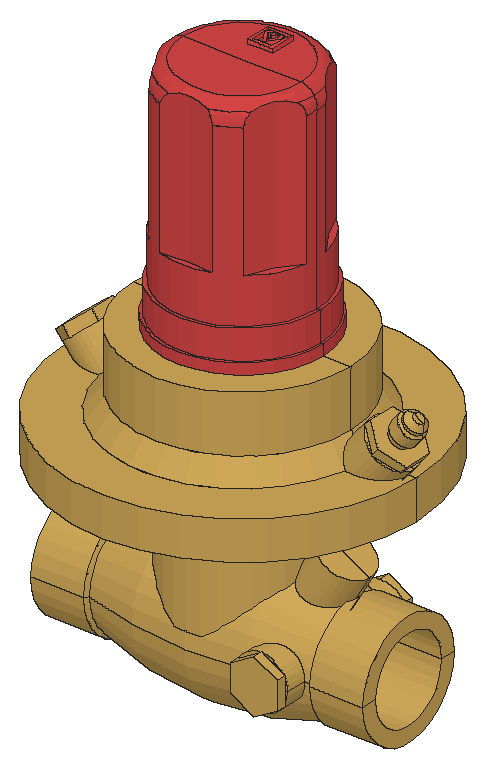
Revit family "Differenzdruckregler 4007", category Rohrzubehör, Revit 2021
Family settings
  Bemaßung runder Anschluss = Durchmesser verwenden
  Teiletyp = Unterbricht
  OmniClass-Nummer = 23.65.55.14.24
  OmniClass-Titel = Mixing Valves for Liquid Services
  Arbeitsebenenbasiert = Nein
  Immer vertikal = Ja
  Beim Laden mit Abzugskörper schneiden = Nein
  Gemeinsam genutzt = Nein
Parameters
  t1 = 24.467 mm
  Vorgabe-Ansicht = 0.00 mm
  Prüfdruck = 2400000.0 Pa  # constant formula
  Min. Betriebstemperatur (reines Wasser) = 2 °C  # constant formula
  Min. Betriebstemperatur (Frostschutz, Messinggehäuse) = -20 °C  # constant formula
  Min. Betriebstemperatur (Frostschutz, Graugussgehäuse) = -10 °C  # constant formula
  Max. zulässige Betriebstemperatur DN40-DN80 = 110 °C  # constant formula
  Max. zulässige Betriebstemperatur DN15-DN32 = 130 °C  # constant formula
  Max. Differenzdruck am Gehäuse = 200000.0 Pa  # constant formula
  m4 [instance] = R03 - 11.00 mm  # 20.50 mm
  m3 = 4.00 mm
  m2 [instance] = R03 - 8.50 mm  # 23.00 mm
  m1 = 3.50 mm
  k9 = 17.65 mm
  k8 = 130.00°
  k7 = 9.45 mm
  k6 = 8.678 mm
  k5 = 11.83 mm
  k4 = 142.00°
  k3 = 63.00 mm
  k22 = 3.217 mm
  k21 = 28.72 mm
  k20 = 70.557 mm
  k2 = 49.08 mm
  k19 = 24.467 mm
  k18 = 24.467 mm
  k17 [instance] = 4.002 mm
  k16 = 7.283 mm
  k15 [instance] = size_lookup("4007", "k15", 10.00 mm, Nennweite)  # 7.28 mm
  k14 = 101.662 mm
  k13 = 14.00 mm
  k12 = 39.276 mm
  k11 = 45.00 mm
  k10 = 20.56 mm
  k1 = 21.00 mm
  h2 [instance] = size_lookup("4007", "h2", 18.75 mm, Nennweite)  # 24.50 mm
  h1 = 20.595 mm
  a3 = 9.50 mm
  a2 = 21.021 mm
  a1 = 9.50 mm
  Ventilgehäuse 4007 = "entzinkungsbeständiges Messing"  # constant formula
  URL = "www.herz-armaturen.at"
  Sollwertfeder = "nichtrostender Stahl"  # constant formula
  Schrauben [instance] = if(Nennweite = 15.00 mm, "4x M12x50", if(Nennweite = 20.00 mm, "4x M12x55", if(Nennweite = 25.00 mm, "4x M12x55", if(Nennweite = 32.00 mm, "4x M16x60", if(Nennweite = 40.00 mm, "4x M16x60", if(Nennweite = 50.00 mm, "4x M16x60", if(Nennweite = 65.00 mm, "4x M16x60", if(Nennweite = 80.00 mm, "8x M16x65", if(Nennweite = 100.00 mm, "8x M16x65", if(Nennweite = 125.00 mm, "8x M16x70", if(Nennweite = 150.00 mm, "8x M20x70", if(Nennweite = 200.00 mm, "12x M20x75", if(Nennweite = 250.00 mm, "12x M24x85", if(Nennweite = 300.00 mm, "12x M24x85", if(Nennweite = 350.00 mm, "16x M24x90", "16x M27x100")))))))))))))))  # "4x M12x55"
  SW [instance] = size_lookup("4007", "SW", 13.50 mm, Nennweite)  # 20.50 mm
  SCRNSEQ = "ARM;ARM_TYP=\"DIFR\";2"
  SCRNCODE = "05;03;4"  # constant formula
  Rp [instance] = size_lookup("4007", "Rp", 9.30 mm, Nennweite)  # 15.146 mm
  R04 [instance] = size_lookup("4007", "R04", 19.50 mm, Nennweite)  # 25.40 mm
  R03 [instance] = size_lookup("4007", "R03", 27.50 mm, Nennweite)  # 31.50 mm
  R02 [instance] = size_lookup("4007", "R02", 12.70 mm, Nennweite)  # 19.00 mm
  R01 [instance] = size_lookup("4007", "R01", 21.00 mm, Nennweite)  # 26.00 mm
  Nennweite [instance] = 25.00 mm
  Membrane und O-Ringe = "EPDM"  # constant formula
  Medium = "Die Verwendung von Ethylen- und Propylenglykol ist im Mischungsverhältnis 25 - 50 % zulässig.\r\nHeizwasserqualität entsprechend ÖNORM H 5195 bzw. VDI-Richtlinie 2035. Als Korrosionsschutz kann Helamin HS 190H oder Waterdos OXA30 verwendet werden."
  L03 [instance] = size_lookup("4007", "L03", 35.00 mm, Nennweite)  # 45.00 mm
  L02 [instance] = size_lookup("4007", "L02", 21.00 mm, Nennweite)  # 27.00 mm
  L01 [instance] = size_lookup("4007", "L01", 15.00 mm, Nennweite)  # 19.10 mm
  L [instance] = size_lookup("4007", "L", 100.00 mm, Nennweite)  # 120.00 mm
  Hinweise zum Material = "Im Hanf enthaltenes Ammoniak schädigt Messingventilgehäuse, EPDM Dichtungen werden durch Mineralöle bzw. mineralölhaltige Schmierstoffe aufgequollen und führen somit zum Ausfall der EPDM-Dichtungen. Frost- und Korrosionsschutzmittel auf der Basis von Ethylenglykol sind die entsprechenden Angaben den Unterlagen des Herstellers zu entnehmen."
  Hersteller = "HERZ-Armaturen Ges.m.b.H"  # constant formula
  DN80 [instance] = Nennweite = 80.00 mm  # no
  DN65-80 [instance] = or(Nennweite = 65.00 mm, Nennweite = 80.00 mm)  # no
  DN65 [instance] = Nennweite = 65.00 mm  # no
  DN50 [instance] = Nennweite = 50.00 mm  # no
  DN40 [instance] = Nennweite = 40.00 mm  # no
  DN32-40 [instance] = or(Nennweite = 32.00 mm, Nennweite = 40.00 mm)  # no
  DN32 [instance] = Nennweite = 32.00 mm  # no
  DN25 [instance] = Nennweite = 25.00 mm  # yes
  DN20 [instance] = Nennweite = 20.00 mm  # no
  DN15-50 [instance] = or(Nennweite = 15.00 mm, Nennweite = 20.00 mm, Nennweite = 25.00 mm, Nennweite = 32.00 mm, Nennweite = 40.00 mm, Nennweite = 50.00 mm)  # yes
  DN15-20 [instance] = or(Nennweite = 15.00 mm, Nennweite = 20.00 mm)  # no
  DN15 [instance] = Nennweite = 15.00 mm  # no
  Max. Betriebsdruck = 1600000.0 Pa  # constant formula
  Bestellnummer [instance] = size_lookup("4007", "Artnr", 0, Nennweite)  # 1400703
  B1 [instance] = size_lookup("4007", "b1", 9.50 mm, Nennweite)  # 9.50 mm
  Anwendungsgebiet = "Für Heizungs- und Kühlanlagen um den Differenzdruck innerhalb des regeltechnischen Bereiches konstant zu halten."
Reference planes
  plane 1 "Mitte (Vorne/hinten)": y = 0
  plane 2: z = 0
  plane 3 "Mitte (Links/rechts)": x = 0
Forms (mm)
  Revolve 1, solid, material "Messing, weicher Gelbton, geschweißt", detail levels fine
    sketch origin (0, 0, 0) x (1, 0, 0) y (0, 1, 0)
      loop
        line (-60, 15.146) -> (60, 15.146) -> (60, 20.5) -> (40.9, 20.5) -> (40.265, 19)
        arc (40.265, 19) -> (0, 26) -> (-40.265, 19) r 119.305
        line (-40.265, 19) -> (-40.9, 20.5) -> (-60, 20.5) -> (-60, 15.146)
      axis (60, 0) -> (-60, 0)
    angle from 0 to 360
  Revolve 2, solid, material "Messing, weicher Gelbton, geschweißt", detail levels fine
    sketch origin (0, 0, 0) x (1, 0, 0) y (0, 0, 1)
      loop
        line (-25.4, 45) -> (-25.4, 0) -> (0, 0) -> (0, 45) -> (-25.4, 45)
      axis (0, 45) -> (0, 0)
    angle from 0 to 360
  Revolve 3, solid, material "Messing, weicher Gelbton, geschweißt", detail levels fine
    sketch origin (0, 0, 1.88) x (1, 0, 0) y (0, 0, 1)
      loop
        line (0, 43.116) -> (0, 144.779) -> (-21, 144.779) -> (-21, 92.196) -> (-39.276, 92.196) -> (-39.276, 71.639) -> (-45.35, 64.4) -> (-63, 64.4) -> (-63, 50.4) -> (-54.322, 50.4) -> (-45, 43.116) -> (0, 43.116)
      axis (0, 144.779) -> (0, 43.116)
    angle from 0 to 360
  Revolve 4, solid, material "Messing, weicher Gelbton, geschweißt", visible <- "DN15", detail levels fine
    sketch origin (0, 0, 0) x (1, 0, 0) y (0, 0, 1)
      loop
        line (-22.014, 8.727) -> (-13.787, 13.477) -> (-24.773, 32.507) -> (-33, 27.757) -> (-22.014, 8.727)
      axis (-33, 27.757) -> (-22.014, 8.727)
    angle from 0 to 360
  Revolve 5, solid, material "Messing, weicher Gelbton, geschweißt", visible <- "DN15", detail levels fine
    sketch origin (0, 0, 0) x (-1, 0, 0) y (0, 0, 1)
      loop
        line (-22.014, 8.727) -> (-13.787, 13.477) -> (-24.773, 32.507) -> (-33, 27.757) -> (-22.014, 8.727)
      axis (-33, 27.757) -> (-22.014, 8.727)
    angle from 0 to 360
  Revolve 6, solid, material "Messing, weicher Gelbton, geschweißt", visible <- "DN20", detail levels fine
    sketch origin (-0.6, 0, 0.94) x (1, 0, 0) y (0, 0, 1)
      loop
        line (-22.014, 8.727) -> (-13.787, 13.477) -> (-24.773, 32.507) -> (-33, 27.757) -> (-22.014, 8.727)
      axis (-33, 27.757) -> (-22.014, 8.727)
    angle from 0 to 360
  Revolve 7, solid, material "Messing, weicher Gelbton, geschweißt", visible <- "DN20", detail levels fine
    sketch origin (0.6, 0, 0.94) x (-1, 0, 0) y (0, 0, 1)
      loop
        line (-22.014, 8.727) -> (-13.787, 13.477) -> (-24.773, 32.507) -> (-33, 27.757) -> (-22.014, 8.727)
      axis (-33, 27.757) -> (-22.014, 8.727)
    angle from 0 to 360
  Revolve 8, solid, material "Messing, weicher Gelbton, geschweißt", visible <- "DN25", detail levels fine
    sketch origin (-4.851, 0, 5.003) x (1, 0, 0) y (0, 0, 1)
      loop
        line (-22.014, 8.727) -> (-13.787, 13.477) -> (-24.773, 32.507) -> (-33, 27.757) -> (-22.014, 8.727)
      axis (-33, 27.757) -> (-22.014, 8.727)
    angle from 0 to 360
  Revolve 9, solid, material "Messing, weicher Gelbton, geschweißt", visible <- "DN25", detail levels fine
    sketch origin (4.851, 0, 5.003) x (-1, 0, 0) y (0, 0, 1)
      loop
        line (-22.014, 8.727) -> (-13.787, 13.477) -> (-24.773, 32.507) -> (-33, 27.757) -> (-22.014, 8.727)
      axis (-33, 27.757) -> (-22.014, 8.727)
    angle from 0 to 360
  Revolve 10, solid, material "Messing, weicher Gelbton, geschweißt", visible <- "DN32", detail levels fine
    sketch origin (-12.5, 0, 10.252) x (1, 0, 0) y (0, 0, 1)
      loop
        line (-22.014, 8.727) -> (-13.787, 13.477) -> (-24.773, 32.507) -> (-33, 27.757) -> (-22.014, 8.727)
      axis (-33, 27.757) -> (-22.014, 8.727)
    angle from 0 to 360
  Revolve 11, solid, material "Messing, weicher Gelbton, geschweißt", visible <- "DN32", detail levels fine
    sketch origin (12.5, 0, 10.252) x (-1, 0, 0) y (0, 0, 1)
      loop
        line (-22.014, 8.727) -> (-13.787, 13.477) -> (-24.773, 32.507) -> (-33, 27.757) -> (-22.014, 8.727)
      axis (-33, 27.757) -> (-22.014, 8.727)
    angle from 0 to 360
  Revolve 12, solid, material "Messing, weicher Gelbton, geschweißt", visible <- "DN40", detail levels fine
    sketch origin (-18.5, 0, 13.444) x (1, 0, 0) y (0, 0, 1)
      loop
        line (-22.014, 8.727) -> (-13.787, 13.477) -> (-24.773, 32.507) -> (-33, 27.757) -> (-22.014, 8.727)
      axis (-33, 27.757) -> (-22.014, 8.727)
    angle from 0 to 360
  Revolve 13, solid, material "Messing, weicher Gelbton, geschweißt", visible <- "DN40", detail levels fine
    sketch origin (18.5, 0, 13.444) x (-1, 0, 0) y (0, 0, 1)
      loop
        line (-22.014, 8.727) -> (-13.787, 13.477) -> (-24.773, 32.507) -> (-33, 27.757) -> (-22.014, 8.727)
      axis (-33, 27.757) -> (-22.014, 8.727)
    angle from 0 to 360
  Revolve 14, solid, material "Messing, weicher Gelbton, geschweißt", visible <- "DN50", detail levels fine
    sketch origin (-23.5, 0, 19.174) x (1, 0, 0) y (0, 0, 1)
      loop
        line (-22.014, 8.727) -> (-13.787, 13.477) -> (-24.773, 32.507) -> (-33, 27.757) -> (-22.014, 8.727)
      axis (-33, 27.757) -> (-22.014, 8.727)
    angle from 0 to 360
  Revolve 15, solid, material "Messing, weicher Gelbton, geschweißt", visible <- "DN50", detail levels fine
    sketch origin (23.5, 0, 19.174) x (-1, 0, 0) y (0, 0, 1)
      loop
        line (-22.014, 8.727) -> (-13.787, 13.477) -> (-24.773, 32.507) -> (-33, 27.757) -> (-22.014, 8.727)
      axis (-33, 27.757) -> (-22.014, 8.727)
    angle from 0 to 360
  Revolve 16, solid, material "Messing, weicher Gelbton, geschweißt", detail levels fine
    sketch origin (0, 0, 0) x (1, 0, 0) y (0, 1, 0)
      loop
        line (38, 0) -> (38, 27) -> (28.5, 27) -> (28.5, 0) -> (38, 0)
      axis (28.5, 27) -> (28.5, 0)
    angle from 0 to 360
  Revolve 17, solid, material "Messing, weicher Gelbton, geschweißt", detail levels fine
    sketch origin (0, 0, 0) x (1, 0, 0) y (0, -1, 0)
      loop
        line (38, 0) -> (38, 27) -> (28.5, 27) -> (28.5, 0) -> (38, 0)
      axis (28.5, 27) -> (28.5, 0)
    angle from 0 to 360
  Extrusion 18, solid, material "Messing, weicher Gelbton, geschweißt", visible <- "DN15-50", detail levels fine
    sketch origin (0, 0, 0) x (1, 0, 0) y (0, 0, -1)
      loop
        line (37, -4.907) -> (37, 4.907) -> (28.5, 9.815) -> (20, 4.907) -> (20, -4.907) -> (28.5, -9.815) -> (37, -4.907)
    from 27 to 30.5
  Extrusion 19, solid, material "Messing, weicher Gelbton, geschweißt", visible <- "DN15-50", detail levels fine
    sketch origin (0, 0, 0) x (1, 0, 0) y (0, 0, 1)
      loop
        line (37, 4.907) -> (28.5, 9.815) -> (20, 4.907) -> (20, -4.907) -> (28.5, -9.815) -> (37, -4.907) -> (37, 4.907)
    from 27 to 30.5
  Revolve 20, solid, material "Messing, weicher Gelbton, geschweißt", detail levels fine
    sketch origin (0, 0, 0) x (1, 0, 0) y (0, 0, 1)
      loop
        line (-54.637, 74.894) -> (-41.125, 58.791) -> (-33.848, 64.897) -> (-47.36, 81) -> (-54.637, 74.894)
      axis (-54.637, 74.894) -> (-41.125, 58.791)
    angle from 0 to 360
  Revolve 21, solid, material "Messing, weicher Gelbton, geschweißt", detail levels fine
    sketch origin (0, 0, 0) x (-1, 0, 0) y (0, 0, 1)
      loop
        line (-54.637, 74.894) -> (-41.125, 58.791) -> (-33.848, 64.897) -> (-47.36, 81) -> (-54.637, 74.894)
      axis (-54.637, 74.894) -> (-41.125, 58.791)
    angle from 0 to 360
  Extrusion 22, solid, material "Messing, weicher Gelbton, geschweißt", visible <- "DN15-20", detail levels fine
    sketch origin (-123.581, 0, 7.046) x (0.766044, 0, 0.642788) y (0, 1, 0)
      loop
        line (98.5, 4.907) -> (90, 9.815) -> (81.5, 4.907) -> (81.5, -4.907) -> (90, -9.815) -> (98.5, -4.907) -> (98.5, 4.907)
    from 0 to 4
  Extrusion 23, solid, material "Messing, weicher Gelbton, geschweißt", visible <- "DN15-20", detail levels fine
    sketch origin (-14.307, 0, 122.748) x (0.766044, 0, -0.642788) y (0, 1, 0)
      loop
        line (98.5, 4.907) -> (90, 9.815) -> (81.5, 4.907) -> (81.5, -4.907) -> (90, -9.815) -> (98.5, -4.907) -> (98.5, 4.907)
    from 0 to 3.4
  Revolve 24, solid, material "Messing, weicher Gelbton, geschweißt", visible <- "DN15-20", detail levels fine
    sketch origin (0, 0, 0) x (1, 0, 0) y (0, 0, 1)
      loop
        line (56.822, 67.502) -> (59.81, 64.995) -> (61.417, 66.91) -> (62.155, 66.29) -> (65.109, 69.81) -> (64.941, 71.133) -> (65.648, 71.975) -> (65.414, 74.652) -> (63.893, 75.928) -> (56.822, 67.502)
      axis (63.893, 75.928) -> (56.822, 67.502)
    angle from 0 to 360
  Extrusion 25, solid, material "Messing, weicher Gelbton, geschweißt", visible <- "DN25", detail levels fine
    sketch origin (-123.581, 0, 17.046) x (0.766044, 0, 0.642788) y (0, 1, 0)
      loop
        line (98.5, 4.907) -> (90, 9.815) -> (81.5, 4.907) -> (81.5, -4.907) -> (90, -9.815) -> (98.5, -4.907) -> (98.5, 4.907)
    from 0 to 4
  Extrusion 26, solid, material "Messing, weicher Gelbton, geschweißt", visible <- "DN25", detail levels fine
    sketch origin (-14.307, 0, 132.748) x (0.766044, 0, -0.642788) y (0, 1, 0)
      loop
        line (98.5, 4.907) -> (90, 9.815) -> (81.5, 4.907) -> (81.5, -4.907) -> (90, -9.815) -> (98.5, -4.907) -> (98.5, 4.907)
    from 0 to 3.4
  Revolve 27, solid, material "Messing, weicher Gelbton, geschweißt", visible <- "DN25", detail levels fine
    sketch origin (0, 0, 10) x (1, 0, 0) y (0, 0, 1)
      loop
        line (56.822, 67.502) -> (59.81, 64.995) -> (61.417, 66.91) -> (62.155, 66.29) -> (65.109, 69.81) -> (64.941, 71.133) -> (65.648, 71.975) -> (65.414, 74.652) -> (63.893, 75.928) -> (56.822, 67.502)
      axis (63.893, 75.928) -> (56.822, 67.502)
    angle from 0 to 360
  Extrusion 28, solid, material "Messing, weicher Gelbton, geschweißt", visible <- "DN32-40", detail levels fine
    sketch origin (-123.581, 0, 22.046) x (0.766044, 0, 0.642788) y (0, 1, 0)
      loop
        line (98.5, 4.907) -> (90, 9.815) -> (81.5, 4.907) -> (81.5, -4.907) -> (90, -9.815) -> (98.5, -4.907) -> (98.5, 4.907)
    from 0 to 4
  Extrusion 29, solid, material "Messing, weicher Gelbton, geschweißt", visible <- "DN32-40", detail levels fine
    sketch origin (-14.307, 0, 137.748) x (0.766044, 0, -0.642788) y (0, 1, 0)
      loop
        line (98.5, 4.907) -> (90, 9.815) -> (81.5, 4.907) -> (81.5, -4.907) -> (90, -9.815) -> (98.5, -4.907) -> (98.5, 4.907)
    from 0 to 3.4
  Revolve 30, solid, material "Messing, weicher Gelbton, geschweißt", visible <- "DN32-40", detail levels fine
    sketch origin (0, 0, 15) x (1, 0, 0) y (0, 0, 1)
      loop
        line (56.822, 67.502) -> (59.81, 64.995) -> (61.417, 66.91) -> (62.155, 66.29) -> (65.109, 69.81) -> (64.941, 71.133) -> (65.648, 71.975) -> (65.414, 74.652) -> (63.893, 75.928) -> (56.822, 67.502)
      axis (63.893, 75.928) -> (56.822, 67.502)
    angle from 0 to 360
  Extrusion 31, solid, material "Messing, weicher Gelbton, geschweißt", visible <- "DN50", detail levels fine
    sketch origin (-123.581, 0, 32.546) x (0.766044, 0, 0.642788) y (0, 1, 0)
      loop
        line (98.5, 4.907) -> (90, 9.815) -> (81.5, 4.907) -> (81.5, -4.907) -> (90, -9.815) -> (98.5, -4.907) -> (98.5, 4.907)
    from 0 to 4
  Extrusion 32, solid, material "Messing, weicher Gelbton, geschweißt", visible <- "DN50", detail levels fine
    sketch origin (-14.307, 0, 148.248) x (0.766044, 0, -0.642788) y (0, 1, 0)
      loop
        line (98.5, 4.907) -> (90, 9.815) -> (81.5, 4.907) -> (81.5, -4.907) -> (90, -9.815) -> (98.5, -4.907) -> (98.5, 4.907)
    from 0 to 3.4
  Revolve 33, solid, material "Messing, weicher Gelbton, geschweißt", visible <- "DN50", detail levels fine
    sketch origin (0, 0, 25.5) x (1, 0, 0) y (0, 0, 1)
      loop
        line (56.822, 67.502) -> (59.81, 64.995) -> (61.417, 66.91) -> (62.155, 66.29) -> (65.109, 69.81) -> (64.941, 71.133) -> (65.648, 71.975) -> (65.414, 74.652) -> (63.893, 75.928) -> (56.822, 67.502)
      axis (63.893, 75.928) -> (56.822, 67.502)
    angle from 0 to 360
  Extrusion 34, solid, material "Messing, weicher Gelbton, geschweißt", visible <- "DN65-80", detail levels fine
    sketch origin (31.509, 0, 0) x (1, 0, 0) y (0, 0, -1)
      loop
        line (7.991, -6.351) -> (7.991, 6.351) -> (-3.009, 12.702) -> (-14.009, 6.351) -> (-14.009, -6.351) -> (-3.009, -12.702) -> (7.991, -6.351)
    from 27 to 31
  Extrusion 35, solid, material "Messing, weicher Gelbton, geschweißt", visible <- "DN65-80", detail levels fine
    sketch origin (31.509, 0, 0) x (1, 0, 0) y (0, 0, 1)
      loop
        line (7.991, 6.351) -> (-3.009, 12.702) -> (-14.009, 6.351) -> (-14.009, -6.351) -> (-3.009, -12.702) -> (7.991, -6.351) -> (7.991, 6.351)
    from 27 to 31
  Revolve 36, solid, material "Messing, weicher Gelbton, geschweißt", visible <- "DN65", detail levels fine
    sketch origin (-32, 0, 28.317) x (1, 0, 0) y (0, 0, 1)
      loop
        line (-22.014, 8.727) -> (-13.787, 13.477) -> (-24.773, 32.507) -> (-33, 27.757) -> (-22.014, 8.727)
      axis (-33, 27.757) -> (-22.014, 8.727)
    angle from 0 to 360
  Revolve 37, solid, material "Messing, weicher Gelbton, geschweißt", visible <- "DN65", detail levels fine
    sketch origin (32, 0, 28.317) x (-1, 0, 0) y (0, 0, 1)
      loop
        line (-22.014, 8.727) -> (-13.787, 13.477) -> (-24.773, 32.507) -> (-33, 27.757) -> (-22.014, 8.727)
      axis (-33, 27.757) -> (-22.014, 8.727)
    angle from 0 to 360
  Revolve 38, solid, material "Messing, weicher Gelbton, geschweißt", visible <- "DN80", detail levels fine
    sketch origin (-41, 0, 35.243) x (1, 0, 0) y (0, 0, 1)
      loop
        line (-22.014, 8.727) -> (-13.787, 13.477) -> (-24.773, 32.507) -> (-33, 27.757) -> (-22.014, 8.727)
      axis (-33, 27.757) -> (-22.014, 8.727)
    angle from 0 to 360
  Revolve 39, solid, material "Messing, weicher Gelbton, geschweißt", visible <- "DN80", detail levels fine
    sketch origin (41, 0, 35.243) x (-1, 0, 0) y (0, 0, 1)
      loop
        line (-22.014, 8.727) -> (-13.787, 13.477) -> (-24.773, 32.507) -> (-33, 27.757) -> (-22.014, 8.727)
      axis (-33, 27.757) -> (-22.014, 8.727)
    angle from 0 to 360
  Revolve 40, solid, material "Messing, weicher Gelbton, geschweißt", detail levels fine
    sketch origin (0, 0, 1.7) x (1, 0, 0) y (0, 0, 1)
      loop
        line (0, 46.517) -> (-42, 46.517) -> (-42, 43.3) -> (0, 43.3) -> (0, 46.517)
      axis (0, 46.517) -> (0, 43.3)
    angle from 0 to 360
  Extrusion 41, solid, material "Messing, weicher Gelbton, geschweißt", visible <- "DN65", detail levels fine
    sketch origin (-123.581, 0, 40.263) x (0.766044, 0, 0.642788) y (0, 1, 0)
      loop
        line (98.5, 4.907) -> (90, 9.815) -> (81.5, 4.907) -> (81.5, -4.907) -> (90, -9.815) -> (98.5, -4.907) -> (98.5, 4.907)
    from 0 to 4
  Extrusion 42, solid, material "Messing, weicher Gelbton, geschweißt", visible <- "DN65", detail levels fine
    sketch origin (123.581, 0, 40.263) x (-0.766044, 0, 0.642788) y (0, -1, 0)
      loop
        line (98.5, -4.907) -> (98.5, 4.907) -> (90, 9.815) -> (81.5, 4.907) -> (81.5, -4.907) -> (90, -9.815) -> (98.5, -4.907)
    from 0 to 4
  Revolve 43, solid, material "Messing, weicher Gelbton, geschweißt", visible <- "DN65", detail levels fine
    sketch origin (0.386, 0, 33.676) x (1, 0, 0) y (0, 0, 1)
      loop
        line (56.822, 67.502) -> (59.81, 64.995) -> (61.417, 66.91) -> (62.155, 66.29) -> (65.109, 69.81) -> (64.941, 71.133) -> (65.648, 71.975) -> (65.414, 74.652) -> (63.893, 75.928) -> (56.822, 67.502)
      axis (63.893, 75.928) -> (56.822, 67.502)
    angle from 0 to 360
  Extrusion 44, solid, material "Messing, weicher Gelbton, geschweißt", visible <- "DN80", detail levels fine
    sketch origin (-123.581, 0, 41.963) x (0.766044, 0, 0.642788) y (0, 1, 0)
      loop
        line (98.5, 4.907) -> (90, 9.815) -> (81.5, 4.907) -> (81.5, -4.907) -> (90, -9.815) -> (98.5, -4.907) -> (98.5, 4.907)
    from 0 to 4
  Extrusion 45, solid, material "Messing, weicher Gelbton, geschweißt", visible <- "DN80", detail levels fine
    sketch origin (123.581, 0, 41.963) x (-0.766044, 0, 0.642788) y (0, -1, 0)
      loop
        line (98.5, -4.907) -> (98.5, 4.907) -> (90, 9.815) -> (81.5, 4.907) -> (81.5, -4.907) -> (90, -9.815) -> (98.5, -4.907)
    from 0 to 4
  Revolve 46, solid, material "Messing, weicher Gelbton, geschweißt", visible <- "DN80", detail levels fine
    sketch origin (0.386, 0, 35.376) x (1, 0, 0) y (0, 0, 1)
      loop
        line (56.822, 67.502) -> (59.81, 64.995) -> (61.417, 66.91) -> (62.155, 66.29) -> (65.109, 69.81) -> (64.941, 71.133) -> (65.648, 71.975) -> (65.414, 74.652) -> (63.893, 75.928) -> (56.822, 67.502)
      axis (63.893, 75.928) -> (56.822, 67.502)
    angle from 0 to 360
  Extrusion 47, solid, material "Messing, weicher Gelbton, geschweißt", visible <- "DN65", detail levels fine
    sketch origin (0, 0, 0) x (0, 1, 0) y (0, 0, -1)
      loop
        circle (0, 0.217) r 46
      loop
        circle (0, 0.217) r 42.499
    from 90 to 95
  Extrusion 48, solid, material "Messing, weicher Gelbton, geschweißt", visible <- "DN80", detail levels fine
    sketch origin (0, 0, 0) x (0, 1, 0) y (0, 0, 1)
      loop
        circle (0, -0.217) r 54
      loop
        circle (0, -0.217) r 50
    from -105 to -100
  Extrusion 49, solid, material "Messing, weicher Gelbton, geschweißt", visible <- "DN80", detail levels fine
    sketch origin (0, 0, 0) x (0, 1, 0) y (0, 0, -1)
      loop
        circle (0, 0.217) r 54
      loop
        circle (0, 0.217) r 50
    from -105 to -100
  Extrusion 50, solid, material "Messing, weicher Gelbton, geschweißt", visible <- "DN65", detail levels fine
    sketch origin (0, 0, 0) x (0, 1, 0) y (0, 0, 1)
      loop
        circle (0, -0.217) r 46
      loop
        circle (0, -0.217) r 42.499
    from 90 to 95
Lines and regions (mm)
  model lines, detail levels coarse+medium
    curve 1: spline (-63, 0, 59.28) -> (-60.853, 0, 61.092) -> (-54.56, 0, 62.78) -> (-44.548, 0, 64.23) -> (-31.5, 0, 65.342) -> (-16.306, 0, 66.041) -> (0, 0, 66.28) -> (16.306, 0, 66.041) -> (31.5, 0, 65.342) -> (44.548, 0, 64.23) -> (54.56, 0, 62.78) -> (60.853, 0, 61.092) -> (63, 0, 59.28) -> (60.853, 0, 57.468) -> (54.56, 0, 55.78) -> (44.548, 0, 54.33) -> (31.5, 0, 53.218) -> (16.306, 0, 52.519) -> (0, 0, 52.28) -> (-16.306, 0, 52.519) -> (-31.5, 0, 53.218) -> (-44.548, 0, 54.33) -> (-54.56, 0, 55.78) -> (-60.853, 0, 57.468) -> (-63, 0, 59.28)
    curve 2: line (60, 0, 20.5) -> (60, 0, -20.5)
    curve 3: line (60, 0, -20.5) -> (-60, 0, 20.5)
    curve 4: line (-60, 0, 20.5) -> (-60, 0, -20.5)
    curve 5: line (-60, 0, -20.5) -> (60, 0, 20.5)
    curve 6: line (30, 0, 10.25) -> (0, 0, 45)
    curve 7: line (-30, 0, 10.25) -> (0, 0, 45)
    curve 8: line (0, 0, 45) -> (0, 0, 52.28)
    curve 9: spline (-63, -59.28, 0) -> (-60.853, -57.468, 0) -> (-54.56, -55.78, 0) -> (-44.548, -54.33, 0) -> (-31.5, -53.218, 0) -> (-16.306, -52.519, 0) -> (0, -52.28, 0) -> (16.306, -52.519, 0) -> (31.5, -53.218, 0) -> (44.548, -54.33, 0) -> (54.56, -55.78, 0) -> (60.853, -57.468, 0) -> (63, -59.28, 0) -> (60.853, -61.092, 0) -> (54.56, -62.78, 0) -> (44.548, -64.23, 0) -> (31.5, -65.342, 0) -> (16.306, -66.041, 0) -> (0, -66.28, 0) -> (-16.306, -66.041, 0) -> (-31.5, -65.342, 0) -> (-44.548, -64.23, 0) -> (-54.56, -62.78, 0) -> (-60.853, -61.092, 0) -> (-63, -59.28, 0)
    curve 10: line (-60, 20.5, 0) -> (60, -20.5, 0)
    curve 11: line (60, -20.5, 0) -> (60, 20.5, 0)
    curve 12: line (60, 20.5, 0) -> (-60, -20.5, 0)
    curve 13: line (-60, -20.5, 0) -> (-60, 20.5, 0)
    curve 14: line (0, -45, 0) -> (0, -52.28, 0)
    curve 15: line (-20, -6.833, 0) -> (0, -45, 0)
    curve 16: line (20, -6.833, 0) -> (0, -45, 0)
Dimensions and locks
  "L": Revolve 1 sketch curve to Revolve 1 sketch curve
  equal spacing: Revolve 1 sketch curve, plane 3 "Mitte (Links/rechts)", Revolve 1 sketch curve  (x2)
  "Rp": plane 1 "Mitte (Vorne/hinten)" to Revolve 1 sketch curve
  "SW": plane 1 "Mitte (Vorne/hinten)" to Revolve 1 sketch curve
  "SW": Revolve 1 sketch curve to plane 1 "Mitte (Vorne/hinten)"
  "R02": plane 1 "Mitte (Vorne/hinten)" to Revolve 1 sketch curve  (x2)
  "R01": plane 1 "Mitte (Vorne/hinten)" to Revolve 1 sketch curve
  "L01": Revolve 1 sketch curve to Revolve 1 sketch curve  (x2)
  "L02": plane 1 "Mitte (Vorne/hinten)" to Revolve 16 sketch curve
  "R03": Revolve 16 sketch curve to Revolve 1
  "B1": Revolve 16 sketch curve to Revolve 16 sketch curve
  "B1": Revolve 17 sketch curve to Revolve 17 sketch curve
  "R03": Revolve 17 sketch curve to Revolve 1
  "L02": Revolve 17 sketch curve to plane 1 "Mitte (Vorne/hinten)"
  "L02": plane 1 "Mitte (Vorne/hinten)" to Extrusion 18
  "m2": Extrusion 18 to Revolve 1
  "m1": Extrusion 18 to Extrusion 18
  "L02": plane 1 "Mitte (Vorne/hinten)" to Extrusion 19
  "m2": Extrusion 19 to Revolve 1
  "m1": Extrusion 19 to Extrusion 19
  "R04": Revolve 2 sketch curve to plane 3 "Mitte (Links/rechts)"
  "L03": Revolve 2 sketch curve to plane 2
  "k1": Revolve 3 sketch curve to Revolve 3 sketch curve
  "k3": Revolve 3 sketch curve to Revolve 3 sketch curve
  "k5": Revolve 3 sketch curve to Revolve 3 sketch curve
  "k6": Revolve 3 sketch curve to Revolve 3 sketch curve
  "k7": Revolve 3 sketch curve to Revolve 3 sketch curve
  "k9": Revolve 3 sketch curve to Revolve 3 sketch curve
  "k11": Revolve 3 sketch curve to Revolve 3 sketch curve
  "k12": Revolve 3 sketch curve to Revolve 3 sketch curve
  "k13": Revolve 3 sketch curve to Revolve 3 sketch curve
  "k14": Revolve 3 sketch curve to Revolve 3 sketch curve
  "a1": Revolve 20 sketch curve to Revolve 20 sketch curve
  "a2": Revolve 20 sketch curve to Revolve 20 sketch curve
  "a2": Revolve 21 sketch curve to Revolve 21 sketch curve
  "a1": Revolve 21 sketch curve to Revolve 21 sketch curve
  "a3": Revolve 20 sketch curve to Revolve 20 sketch curve
  "a3": Revolve 21 sketch curve to Revolve 21 sketch curve
  "k15": Revolve 3 to Revolve 2
  "k16": Revolve 3 sketch curve to Revolve 3 sketch curve
  "k17": nested 1 to Revolve 3
  "k21": Revolve 20 sketch curve to Revolve 3
  "k21": Revolve 21 sketch curve to Revolve 3
  "h1": Revolve 3 to nested 2
  "h2": plane 1 "Mitte (Vorne/hinten)" to nested 2
  "m3": Extrusion 34 to Extrusion 34
  "m3": Extrusion 34 to Revolve 16
  "m4": Extrusion 34 to Revolve 1
  "m3": Extrusion 35 to Extrusion 35
  "m4": Extrusion 35 to Revolve 1
  "m3": Extrusion 35 to Revolve 17
  nested 1 to level = 180.005 mm
  "k22": Revolve 40 to Revolve 2
  "k2": Revolve 3 sketch curve to Revolve 3 sketch curve
  equal spacing: curve 4, plane 3 "Mitte (Links/rechts)", curve 2
  "L": curve 4 to curve 2
  "k3": plane 3 "Mitte (Links/rechts)" to curve 1
  "k13": curve 1 to curve 1
  "k15": curve 1 to Revolve 2
  "SW": curve 4 to plane 2
  "SW": plane 2 to curve 5
  "SW": curve 5 to plane 2 to curve 3
  equal spacing: curve 4, curve 7, curve 7, curve 6, curve 2
  "k3": curve 1 to plane 3 "Mitte (Links/rechts)"
  "L03": curve 8 to plane 2
  "k15": curve 8 to curve 8
  "k3": curve 9 to plane 3 "Mitte (Links/rechts)" to curve 9
  "k13": curve 9 to curve 9
  equal spacing: curve 13, curve 15, curve 16, curve 11
  "L": curve 13 to curve 11
  "SW": plane 1 "Mitte (Vorne/hinten)" to curve 13
  "SW": curve 13 to plane 1 "Mitte (Vorne/hinten)"
  "SW": plane 1 "Mitte (Vorne/hinten)" to curve 12
  "SW": curve 11 to plane 1 "Mitte (Vorne/hinten)"
  "k15": curve 16 to curve 14
  equal spacing: curve 13, plane 3 "Mitte (Links/rechts)", curve 11
  "L03": curve 16 to plane 1 "Mitte (Vorne/hinten)"
  "k4": angle Revolve 3 sketch curve to Revolve 3 sketch curve
  "k8": angle Revolve 3 sketch curve to Revolve 3 sketch curve
  aligned and locked: level to plane 2
Automatic sketch dimensions
  Revolve 4 sketch curve to plane 3 "Mitte (Links/rechts)" = 33.00 mm
  Revolve 4 sketch curve to Revolve 4 sketch curve = 8.227 mm
  level to Revolve 4 sketch curve = 8.727 mm  (x2)
  Revolve 4 sketch curve to Revolve 4 sketch curve = 10.987 mm
  Revolve 4 sketch curve to Revolve 4 sketch curve = 4.75 mm
  Revolve 4 sketch curve to Revolve 4 sketch curve = 0.00 mm  (x3)
  Revolve 5 sketch curve to plane 3 "Mitte (Links/rechts)" = 33.00 mm
  Revolve 5 sketch curve to Revolve 5 sketch curve = 8.227 mm
  Revolve 5 sketch curve to level = 8.727 mm  (x2)
  Revolve 5 sketch curve to Revolve 5 sketch curve = 10.987 mm
  Revolve 5 sketch curve to Revolve 5 sketch curve = 4.75 mm
  Revolve 5 sketch curve to Revolve 5 sketch curve = 0.00 mm  (x3)
  Revolve 6 sketch curve to plane 3 "Mitte (Links/rechts)" = 33.60 mm
  Revolve 6 sketch curve to Revolve 6 sketch curve = 8.227 mm
  level to Revolve 6 sketch curve = 9.668 mm  (x2)
  Revolve 6 sketch curve to Revolve 6 sketch curve = 10.987 mm
  Revolve 6 sketch curve to Revolve 6 sketch curve = 4.75 mm
  Revolve 6 sketch curve to Revolve 6 sketch curve = 0.00 mm  (x3)
  Revolve 7 sketch curve to plane 3 "Mitte (Links/rechts)" = 33.60 mm
  Revolve 7 sketch curve to Revolve 7 sketch curve = 8.227 mm
  Revolve 7 sketch curve to level = 9.668 mm  (x2)
  Revolve 7 sketch curve to Revolve 7 sketch curve = 10.987 mm
  Revolve 7 sketch curve to Revolve 7 sketch curve = 4.75 mm
  Revolve 7 sketch curve to Revolve 7 sketch curve = 0.00 mm  (x3)
  Revolve 8 sketch curve to plane 3 "Mitte (Links/rechts)" = 37.851 mm
  Revolve 8 sketch curve to Revolve 8 sketch curve = 8.227 mm
  level to Revolve 8 sketch curve = 13.731 mm
  Revolve 8 sketch curve to Revolve 8 sketch curve = 10.987 mm
  Revolve 8 sketch curve to Revolve 8 sketch curve = 4.75 mm
  Revolve 8 sketch curve to Revolve 8 sketch curve = 0.00 mm  (x4)
  Revolve 9 sketch curve to plane 3 "Mitte (Links/rechts)" = 37.851 mm
  Revolve 9 sketch curve to Revolve 9 sketch curve = 8.227 mm
  Revolve 9 sketch curve to level = 13.731 mm
  Revolve 9 sketch curve to Revolve 9 sketch curve = 10.987 mm
  Revolve 9 sketch curve to Revolve 9 sketch curve = 4.75 mm
  Revolve 9 sketch curve to Revolve 9 sketch curve = 0.00 mm  (x4)
  Revolve 10 sketch curve to plane 3 "Mitte (Links/rechts)" = 45.50 mm
  Revolve 10 sketch curve to Revolve 10 sketch curve = 8.227 mm
  Revolve 10 sketch curve to Revolve 10 sketch curve = 10.987 mm
  level to Revolve 10 sketch curve = 18.979 mm
  Revolve 10 sketch curve to Revolve 10 sketch curve = 4.75 mm
  Revolve 10 sketch curve to Revolve 10 sketch curve = 0.00 mm  (x4)
  Revolve 11 sketch curve to plane 3 "Mitte (Links/rechts)" = 45.50 mm
  Revolve 11 sketch curve to Revolve 11 sketch curve = 8.227 mm
  Revolve 11 sketch curve to Revolve 11 sketch curve = 10.987 mm
  Revolve 11 sketch curve to level = 18.979 mm
  Revolve 11 sketch curve to Revolve 11 sketch curve = 4.75 mm
  Revolve 11 sketch curve to Revolve 11 sketch curve = 0.00 mm  (x4)
  Revolve 12 sketch curve to plane 3 "Mitte (Links/rechts)" = 51.50 mm
  Revolve 12 sketch curve to Revolve 12 sketch curve = 8.227 mm
  Revolve 12 sketch curve to Revolve 12 sketch curve = 10.987 mm
  level to Revolve 12 sketch curve = 22.171 mm
  Revolve 12 sketch curve to Revolve 12 sketch curve = 4.75 mm
  Revolve 12 sketch curve to Revolve 12 sketch curve = 0.00 mm  (x4)
  Revolve 13 sketch curve to plane 3 "Mitte (Links/rechts)" = 51.50 mm
  Revolve 13 sketch curve to Revolve 13 sketch curve = 8.227 mm
  Revolve 13 sketch curve to Revolve 13 sketch curve = 10.987 mm
  Revolve 13 sketch curve to level = 22.171 mm
  Revolve 13 sketch curve to Revolve 13 sketch curve = 4.75 mm
  Revolve 13 sketch curve to Revolve 13 sketch curve = 0.00 mm  (x4)
  Revolve 14 sketch curve to plane 3 "Mitte (Links/rechts)" = 56.50 mm
  Revolve 14 sketch curve to Revolve 14 sketch curve = 8.227 mm
  Revolve 14 sketch curve to Revolve 14 sketch curve = 10.987 mm
  level to Revolve 14 sketch curve = 27.902 mm
  Revolve 14 sketch curve to Revolve 14 sketch curve = 4.75 mm
  Revolve 14 sketch curve to Revolve 14 sketch curve = 0.00 mm  (x4)
  Revolve 15 sketch curve to plane 3 "Mitte (Links/rechts)" = 56.50 mm
  Revolve 15 sketch curve to Revolve 15 sketch curve = 8.227 mm
  Revolve 15 sketch curve to Revolve 15 sketch curve = 10.987 mm
  Revolve 15 sketch curve to level = 27.902 mm
  Revolve 15 sketch curve to Revolve 15 sketch curve = 4.75 mm
  Revolve 15 sketch curve to Revolve 15 sketch curve = 0.00 mm  (x4)
  Extrusion 18 sketch curve to level = 4.907 mm  (x2)
  plane 3 "Mitte (Links/rechts)" to Extrusion 18 sketch curve = 20.00 mm
  level to Extrusion 18 sketch curve = 9.815 mm
  Extrusion 18 sketch curve to Extrusion 18 sketch curve = 8.50 mm  (x3)
  Extrusion 18 sketch curve to level = 9.815 mm
  level to Extrusion 18 sketch curve = 4.907 mm  (x2)
  Extrusion 19 sketch curve to level = 4.907 mm  (x2)
  plane 3 "Mitte (Links/rechts)" to Extrusion 19 sketch curve = 20.00 mm
  level to Extrusion 19 sketch curve = 9.815 mm
  Extrusion 19 sketch curve to Extrusion 19 sketch curve = 8.50 mm  (x3)
  Extrusion 19 sketch curve to level = 9.815 mm
  level to Extrusion 19 sketch curve = 4.907 mm  (x2)
  plane 3 "Mitte (Links/rechts)" to Revolve 24 sketch curve = 56.822 mm
  Revolve 24 sketch curve to Revolve 24 sketch curve = 2.988 mm
  Revolve 24 sketch curve to Revolve 24 sketch curve = 1.607 mm
  Revolve 24 sketch curve to Revolve 24 sketch curve = 0.738 mm
  Revolve 24 sketch curve to Revolve 24 sketch curve = 2.476 mm
  Revolve 24 sketch curve to Revolve 24 sketch curve = 1.048 mm
  Revolve 24 sketch curve to Revolve 24 sketch curve = 0.168 mm
  Revolve 24 sketch curve to Revolve 24 sketch curve = 1.521 mm
  Revolve 24 sketch curve to Revolve 24 sketch curve = 0.707 mm
  level to Revolve 24 sketch curve = 64.995 mm
  Revolve 24 sketch curve to Revolve 24 sketch curve = 1.295 mm
  Revolve 24 sketch curve to Revolve 24 sketch curve = 1.322 mm
  Revolve 24 sketch curve to Revolve 24 sketch curve = 0.843 mm
  Revolve 24 sketch curve to Revolve 24 sketch curve = 0.00 mm  (x4)
  plane 3 "Mitte (Links/rechts)" to Revolve 27 sketch curve = 56.822 mm
  Revolve 27 sketch curve to Revolve 27 sketch curve = 2.988 mm
  Revolve 27 sketch curve to Revolve 27 sketch curve = 1.607 mm
  Revolve 27 sketch curve to Revolve 27 sketch curve = 0.738 mm
  Revolve 27 sketch curve to Revolve 27 sketch curve = 2.476 mm
  Revolve 27 sketch curve to Revolve 27 sketch curve = 1.048 mm
  Revolve 27 sketch curve to Revolve 27 sketch curve = 0.168 mm
  Revolve 27 sketch curve to Revolve 27 sketch curve = 1.521 mm
  Revolve 27 sketch curve to Revolve 27 sketch curve = 0.707 mm
  level to Revolve 27 sketch curve = 74.995 mm
  Revolve 27 sketch curve to Revolve 27 sketch curve = 1.295 mm
  Revolve 27 sketch curve to Revolve 27 sketch curve = 1.322 mm
  Revolve 27 sketch curve to Revolve 27 sketch curve = 0.843 mm
  Revolve 27 sketch curve to Revolve 27 sketch curve = 0.00 mm  (x4)
  plane 3 "Mitte (Links/rechts)" to Revolve 30 sketch curve = 56.822 mm
  Revolve 30 sketch curve to Revolve 30 sketch curve = 2.988 mm
  Revolve 30 sketch curve to Revolve 30 sketch curve = 1.607 mm
  Revolve 30 sketch curve to Revolve 30 sketch curve = 0.738 mm
  Revolve 30 sketch curve to Revolve 30 sketch curve = 2.476 mm
  Revolve 30 sketch curve to Revolve 30 sketch curve = 1.048 mm
  Revolve 30 sketch curve to Revolve 30 sketch curve = 0.168 mm
  Revolve 30 sketch curve to Revolve 30 sketch curve = 1.521 mm
  Revolve 30 sketch curve to Revolve 30 sketch curve = 0.707 mm
  level to Revolve 30 sketch curve = 79.995 mm
  Revolve 30 sketch curve to Revolve 30 sketch curve = 1.295 mm
  Revolve 30 sketch curve to Revolve 30 sketch curve = 1.322 mm
  Revolve 30 sketch curve to Revolve 30 sketch curve = 0.843 mm
  Revolve 30 sketch curve to Revolve 30 sketch curve = 0.00 mm  (x4)
  plane 3 "Mitte (Links/rechts)" to Revolve 33 sketch curve = 56.822 mm
  Revolve 33 sketch curve to Revolve 33 sketch curve = 2.988 mm
  Revolve 33 sketch curve to Revolve 33 sketch curve = 1.607 mm
  Revolve 33 sketch curve to Revolve 33 sketch curve = 0.738 mm
  Revolve 33 sketch curve to Revolve 33 sketch curve = 2.476 mm
  Revolve 33 sketch curve to Revolve 33 sketch curve = 1.048 mm
  Revolve 33 sketch curve to Revolve 33 sketch curve = 0.168 mm
  Revolve 33 sketch curve to Revolve 33 sketch curve = 1.521 mm
  Revolve 33 sketch curve to Revolve 33 sketch curve = 0.707 mm
  level to Revolve 33 sketch curve = 90.495 mm
  Revolve 33 sketch curve to Revolve 33 sketch curve = 1.295 mm
  Revolve 33 sketch curve to Revolve 33 sketch curve = 1.322 mm
  Revolve 33 sketch curve to Revolve 33 sketch curve = 0.843 mm
  Revolve 33 sketch curve to Revolve 33 sketch curve = 0.00 mm  (x4)
  Extrusion 34 sketch curve to level = 6.351 mm  (x2)
  plane 3 "Mitte (Links/rechts)" to Extrusion 34 sketch curve = 17.50 mm
  level to Extrusion 34 sketch curve = 12.702 mm
  Extrusion 34 sketch curve to Extrusion 34 sketch curve = 11.00 mm  (x3)
  Extrusion 34 sketch curve to level = 12.702 mm
  level to Extrusion 34 sketch curve = 6.351 mm  (x2)
  Extrusion 35 sketch curve to level = 6.351 mm  (x2)
  plane 3 "Mitte (Links/rechts)" to Extrusion 35 sketch curve = 17.50 mm
  level to Extrusion 35 sketch curve = 12.702 mm
  Extrusion 35 sketch curve to Extrusion 35 sketch curve = 11.00 mm  (x3)
  Extrusion 35 sketch curve to level = 12.702 mm
  level to Extrusion 35 sketch curve = 6.351 mm  (x2)
  Revolve 36 sketch curve to plane 3 "Mitte (Links/rechts)" = 65.00 mm
  Revolve 36 sketch curve to Revolve 36 sketch curve = 8.227 mm
  Revolve 36 sketch curve to Revolve 36 sketch curve = 10.987 mm
  level to Revolve 36 sketch curve = 37.045 mm
  Revolve 36 sketch curve to Revolve 36 sketch curve = 4.75 mm
  Revolve 36 sketch curve to Revolve 36 sketch curve = 0.00 mm  (x4)
  Revolve 37 sketch curve to plane 3 "Mitte (Links/rechts)" = 65.00 mm
  Revolve 37 sketch curve to Revolve 37 sketch curve = 8.227 mm
  Revolve 37 sketch curve to Revolve 37 sketch curve = 10.987 mm
  Revolve 37 sketch curve to level = 37.045 mm
  Revolve 37 sketch curve to Revolve 37 sketch curve = 4.75 mm
  Revolve 37 sketch curve to Revolve 37 sketch curve = 0.00 mm  (x4)
  Revolve 38 sketch curve to plane 3 "Mitte (Links/rechts)" = 74.00 mm
  Revolve 38 sketch curve to Revolve 38 sketch curve = 8.227 mm
  Revolve 38 sketch curve to Revolve 38 sketch curve = 10.987 mm
  level to Revolve 38 sketch curve = 43.971 mm
  Revolve 38 sketch curve to Revolve 38 sketch curve = 4.75 mm
  Revolve 38 sketch curve to Revolve 38 sketch curve = 0.00 mm  (x4)
  Revolve 39 sketch curve to plane 3 "Mitte (Links/rechts)" = 74.00 mm
  Revolve 39 sketch curve to Revolve 39 sketch curve = 8.227 mm
  Revolve 39 sketch curve to Revolve 39 sketch curve = 10.987 mm
  Revolve 39 sketch curve to level = 43.971 mm
  Revolve 39 sketch curve to Revolve 39 sketch curve = 4.75 mm
  Revolve 39 sketch curve to Revolve 39 sketch curve = 0.00 mm  (x4)
  Revolve 40 sketch curve to plane 3 "Mitte (Links/rechts)" = 0.00 mm  (x2)
  Revolve 40 sketch curve to plane 3 "Mitte (Links/rechts)" = 42.00 mm
  level to Revolve 40 sketch curve = 45.00 mm
  Revolve 40 sketch curve to Revolve 40 sketch curve = 3.217 mm
  Revolve 40 sketch curve to Revolve 40 sketch curve = 0.00 mm  (x2)
  plane 3 "Mitte (Links/rechts)" to Revolve 43 sketch curve = 57.208 mm
  Revolve 43 sketch curve to Revolve 43 sketch curve = 2.988 mm
  Revolve 43 sketch curve to Revolve 43 sketch curve = 1.607 mm
  Revolve 43 sketch curve to Revolve 43 sketch curve = 0.738 mm
  Revolve 43 sketch curve to Revolve 43 sketch curve = 2.476 mm
  Revolve 43 sketch curve to Revolve 43 sketch curve = 1.048 mm
  Revolve 43 sketch curve to Revolve 43 sketch curve = 0.168 mm
  Revolve 43 sketch curve to Revolve 43 sketch curve = 1.521 mm
  Revolve 43 sketch curve to Revolve 43 sketch curve = 0.707 mm
  level to Revolve 43 sketch curve = 98.671 mm
  Revolve 43 sketch curve to Revolve 43 sketch curve = 1.295 mm
  Revolve 43 sketch curve to Revolve 43 sketch curve = 1.322 mm
  Revolve 43 sketch curve to Revolve 43 sketch curve = 0.843 mm
  Revolve 43 sketch curve to Revolve 43 sketch curve = 0.00 mm  (x4)
  plane 3 "Mitte (Links/rechts)" to Revolve 46 sketch curve = 57.208 mm
  Revolve 46 sketch curve to Revolve 46 sketch curve = 2.988 mm
  Revolve 46 sketch curve to Revolve 46 sketch curve = 1.607 mm
  Revolve 46 sketch curve to Revolve 46 sketch curve = 0.738 mm
  Revolve 46 sketch curve to Revolve 46 sketch curve = 2.476 mm
  Revolve 46 sketch curve to Revolve 46 sketch curve = 1.048 mm
  Revolve 46 sketch curve to Revolve 46 sketch curve = 0.168 mm
  Revolve 46 sketch curve to Revolve 46 sketch curve = 1.521 mm
  Revolve 46 sketch curve to Revolve 46 sketch curve = 0.707 mm
  level to Revolve 46 sketch curve = 100.371 mm
  Revolve 46 sketch curve to Revolve 46 sketch curve = 1.295 mm
  Revolve 46 sketch curve to Revolve 46 sketch curve = 1.322 mm
  Revolve 46 sketch curve to Revolve 46 sketch curve = 0.843 mm
  Revolve 46 sketch curve to Revolve 46 sketch curve = 0.00 mm  (x4)
  plane 1 "Mitte (Vorne/hinten)" to Extrusion 22 sketch curve = 4.907 mm  (x2)
  Extrusion 22 sketch curve to plane 1 "Mitte (Vorne/hinten)" = 9.815 mm
  Extrusion 22 sketch curve to Extrusion 22 sketch curve = 8.50 mm  (x3)
  plane 1 "Mitte (Vorne/hinten)" to Extrusion 22 sketch curve = 9.815 mm
  Extrusion 22 sketch curve to plane 1 "Mitte (Vorne/hinten)" = 4.907 mm  (x2)
  plane 1 "Mitte (Vorne/hinten)" to Extrusion 23 sketch curve = 4.907 mm  (x2)
  Extrusion 23 sketch curve to plane 1 "Mitte (Vorne/hinten)" = 9.815 mm
  Extrusion 23 sketch curve to Extrusion 23 sketch curve = 8.50 mm  (x3)
  plane 1 "Mitte (Vorne/hinten)" to Extrusion 23 sketch curve = 9.815 mm
  Extrusion 23 sketch curve to plane 1 "Mitte (Vorne/hinten)" = 4.907 mm  (x2)
  plane 1 "Mitte (Vorne/hinten)" to Extrusion 25 sketch curve = 4.907 mm  (x2)
  Extrusion 25 sketch curve to plane 1 "Mitte (Vorne/hinten)" = 9.815 mm
  Extrusion 25 sketch curve to Extrusion 25 sketch curve = 8.50 mm  (x3)
  plane 1 "Mitte (Vorne/hinten)" to Extrusion 25 sketch curve = 9.815 mm
  Extrusion 25 sketch curve to plane 1 "Mitte (Vorne/hinten)" = 4.907 mm  (x2)
  plane 1 "Mitte (Vorne/hinten)" to Extrusion 26 sketch curve = 4.907 mm  (x2)
  Extrusion 26 sketch curve to plane 1 "Mitte (Vorne/hinten)" = 9.815 mm
  Extrusion 26 sketch curve to Extrusion 26 sketch curve = 8.50 mm  (x3)
  plane 1 "Mitte (Vorne/hinten)" to Extrusion 26 sketch curve = 9.815 mm
  Extrusion 26 sketch curve to plane 1 "Mitte (Vorne/hinten)" = 4.907 mm  (x2)
  plane 1 "Mitte (Vorne/hinten)" to Extrusion 28 sketch curve = 4.907 mm  (x2)
  Extrusion 28 sketch curve to plane 1 "Mitte (Vorne/hinten)" = 9.815 mm
  Extrusion 28 sketch curve to Extrusion 28 sketch curve = 8.50 mm  (x3)
  plane 1 "Mitte (Vorne/hinten)" to Extrusion 28 sketch curve = 9.815 mm
  Extrusion 28 sketch curve to plane 1 "Mitte (Vorne/hinten)" = 4.907 mm  (x2)
  plane 1 "Mitte (Vorne/hinten)" to Extrusion 29 sketch curve = 4.907 mm  (x2)
  Extrusion 29 sketch curve to plane 1 "Mitte (Vorne/hinten)" = 9.815 mm
  Extrusion 29 sketch curve to Extrusion 29 sketch curve = 8.50 mm  (x3)
  plane 1 "Mitte (Vorne/hinten)" to Extrusion 29 sketch curve = 9.815 mm
  Extrusion 29 sketch curve to plane 1 "Mitte (Vorne/hinten)" = 4.907 mm  (x2)
  plane 1 "Mitte (Vorne/hinten)" to Extrusion 31 sketch curve = 4.907 mm  (x2)
  Extrusion 31 sketch curve to plane 1 "Mitte (Vorne/hinten)" = 9.815 mm
  Extrusion 31 sketch curve to Extrusion 31 sketch curve = 8.50 mm  (x3)
  plane 1 "Mitte (Vorne/hinten)" to Extrusion 31 sketch curve = 9.815 mm
  Extrusion 31 sketch curve to plane 1 "Mitte (Vorne/hinten)" = 4.907 mm  (x2)
  plane 1 "Mitte (Vorne/hinten)" to Extrusion 32 sketch curve = 4.907 mm  (x2)
  Extrusion 32 sketch curve to plane 1 "Mitte (Vorne/hinten)" = 9.815 mm
  Extrusion 32 sketch curve to Extrusion 32 sketch curve = 8.50 mm  (x3)
  plane 1 "Mitte (Vorne/hinten)" to Extrusion 32 sketch curve = 9.815 mm
  Extrusion 32 sketch curve to plane 1 "Mitte (Vorne/hinten)" = 4.907 mm  (x2)
  plane 1 "Mitte (Vorne/hinten)" to Extrusion 41 sketch curve = 4.907 mm  (x2)
  Extrusion 41 sketch curve to plane 1 "Mitte (Vorne/hinten)" = 9.815 mm
  Extrusion 41 sketch curve to Extrusion 41 sketch curve = 8.50 mm  (x3)
  plane 1 "Mitte (Vorne/hinten)" to Extrusion 41 sketch curve = 9.815 mm
  Extrusion 41 sketch curve to plane 1 "Mitte (Vorne/hinten)" = 4.907 mm  (x2)
  plane 1 "Mitte (Vorne/hinten)" to Extrusion 42 sketch curve = 4.907 mm  (x2)
  Extrusion 42 sketch curve to plane 1 "Mitte (Vorne/hinten)" = 9.815 mm
  Extrusion 42 sketch curve to Extrusion 42 sketch curve = 8.50 mm  (x3)
  plane 1 "Mitte (Vorne/hinten)" to Extrusion 42 sketch curve = 9.815 mm
  Extrusion 42 sketch curve to plane 1 "Mitte (Vorne/hinten)" = 4.907 mm  (x2)
  plane 1 "Mitte (Vorne/hinten)" to Extrusion 44 sketch curve = 4.907 mm  (x2)
  Extrusion 44 sketch curve to plane 1 "Mitte (Vorne/hinten)" = 9.815 mm
  Extrusion 44 sketch curve to Extrusion 44 sketch curve = 8.50 mm  (x3)
  plane 1 "Mitte (Vorne/hinten)" to Extrusion 44 sketch curve = 9.815 mm
  Extrusion 44 sketch curve to plane 1 "Mitte (Vorne/hinten)" = 4.907 mm  (x2)
  plane 1 "Mitte (Vorne/hinten)" to Extrusion 45 sketch curve = 4.907 mm  (x2)
  Extrusion 45 sketch curve to plane 1 "Mitte (Vorne/hinten)" = 9.815 mm
  Extrusion 45 sketch curve to Extrusion 45 sketch curve = 8.50 mm  (x3)
  plane 1 "Mitte (Vorne/hinten)" to Extrusion 45 sketch curve = 9.815 mm
  Extrusion 45 sketch curve to plane 1 "Mitte (Vorne/hinten)" = 4.907 mm  (x2)
  Extrusion 47 sketch curve to Extrusion 47 sketch curve = 0.00 mm  (x2)
  Extrusion 47 sketch curve to plane 1 "Mitte (Vorne/hinten)" = 0.00 mm
  Extrusion 47 sketch curve to level = 0.217 mm
  Extrusion 48 sketch curve to Extrusion 48 sketch curve = 0.00 mm  (x2)
  Extrusion 48 sketch curve to plane 1 "Mitte (Vorne/hinten)" = 0.00 mm
  Extrusion 48 sketch curve to level = 0.217 mm
  Extrusion 49 sketch curve to Extrusion 49 sketch curve = 0.00 mm  (x2)
  Extrusion 49 sketch curve to plane 1 "Mitte (Vorne/hinten)" = 0.00 mm
  Extrusion 49 sketch curve to level = 0.217 mm
  Extrusion 50 sketch curve to Extrusion 50 sketch curve = 0.00 mm  (x2)
  Extrusion 50 sketch curve to plane 1 "Mitte (Vorne/hinten)" = 0.00 mm
  Extrusion 50 sketch curve to level = 0.217 mm
  curve 15 to plane 3 "Mitte (Links/rechts)" = 0.00 mm
  Revolve 1 sketch curve to plane 1 "Mitte (Vorne/hinten)" = 0.00 mm
  Revolve 1 sketch curve to Revolve 1 sketch curve = 0.635 mm
  Revolve 1 sketch curve to Revolve 1 sketch curve = 1968.479 mm  (x2)
  Revolve 2 sketch curve to level = 0.00 mm  (x2)
  Revolve 2 sketch curve to plane 3 "Mitte (Links/rechts)" = 0.00 mm  (x2)
  Revolve 2 sketch curve to Revolve 2 sketch curve = 0.00 mm
  Revolve 3 sketch curve to plane 3 "Mitte (Links/rechts)" = 0.00 mm  (x2)
  level to Revolve 3 sketch curve = 44.997 mm
  Revolve 3 sketch curve to level = 364.164 mm
  Revolve 3 sketch curve to Revolve 3 sketch curve = 2079.533 mm
  plane 1 "Mitte (Vorne/hinten)" to Revolve 16 sketch curve = 0.00 mm  (x2)
  Revolve 16 sketch curve to Revolve 16 sketch curve = 0.00 mm
  Revolve 16 sketch curve to Revolve 16 sketch curve = 9.00 mm
  plane 1 "Mitte (Vorne/hinten)" to Revolve 17 sketch curve = 0.00 mm  (x2)
  Revolve 17 sketch curve to Revolve 17 sketch curve = 0.00 mm
  Revolve 17 sketch curve to Revolve 17 sketch curve = 9.00 mm
  Revolve 20 sketch curve to plane 3 "Mitte (Links/rechts)" = 54.637 mm
  Revolve 20 sketch curve to Revolve 20 sketch curve = 7.277 mm
  Revolve 20 sketch curve to Revolve 20 sketch curve = 2.703 mm
  Revolve 20 sketch curve to Revolve 20 sketch curve = 0.00 mm
  Revolve 21 sketch curve to plane 3 "Mitte (Links/rechts)" = 54.637 mm
  Revolve 21 sketch curve to Revolve 21 sketch curve = 7.277 mm
  Revolve 21 sketch curve to Revolve 21 sketch curve = 0.00 mm  (x2)
  Revolve 21 sketch curve to Revolve 21 sketch curve = 2.193 mm
  Revolve 21 sketch curve to Revolve 21 sketch curve = 2.613 mm
  radius of Extrusion 47 sketch curve = 46.00 mm
  radius of Extrusion 47 sketch curve = 42.499 mm
  radius of Extrusion 48 sketch curve = 54.00 mm
  radius of Extrusion 48 sketch curve = 50.00 mm
  radius of Extrusion 49 sketch curve = 54.00 mm
  radius of Extrusion 49 sketch curve = 50.00 mm
  radius of Extrusion 50 sketch curve = 46.00 mm
  radius of Extrusion 50 sketch curve = 42.499 mm
Nested families
  nested 1: "Handrad für Diff.Druckregler 4007" at (0, 0, 147.426), type "Handrad für Diff.Druckregler 4007", detail levels fine
    with Nennweite 0.00 mm, Gewicht 0.00 kg, Bestellnummer 0
  nested 2: "Herz-Logo-vorne" at (0, 25.232, 28.902) x (0, -1, 0) z (0, 0, 1), type "Herz-Logo-vorne", detail levels fine
Connectors
  piping at (-60, 0, 0), diameter 25, driven by "Nennweite"
    settings: on Revolve 1, index 1, connector inside diameter 609.6 mm, connector length 0.00 mm, flow factor 0, pipe flow 0.0 L/s, pressure drop 0.0 Pa, fitting loss kfactor 0, connector angle 0.00°, fixture units 0, engagement length 0.00 mm, angle of deflection 0.00°, flow configuration 0, flow direction 1, fitting loss method 0, system type 29, joint type 0, gender type 0, connector reference index -1, connector utility 0, adjustable connector no, is connector primary yes, connector description ""
  piping at (60, 0, 0), diameter 25, driven by "Nennweite"
    settings: on Revolve 1, index 2, connector inside diameter 609.6 mm, connector length 0.00 mm, flow factor 0, pipe flow 0.0 L/s, pressure drop 0.0 Pa, fitting loss kfactor 0, connector angle 0.00°, fixture units 0, engagement length 0.00 mm, angle of deflection 0.00°, flow configuration 0, flow direction 2, fitting loss method 0, system type 29, joint type 0, gender type 0, connector reference index -1, connector utility 0, adjustable connector no, is connector primary no, connector description ""
Definition of nested family "Handrad für Diff.Druckregler 4007"
  Parameters (values of type "Handrad für Diff.Druckregler 4007")
    Default Elevation = 0.00 mm
    URL = "www.herz-armaturen.at"
    Nennweite [instance] = 0.00 mm
    Manufacturer = "Herz Armaturen GmbH"  # constant formula
    Gewicht [instance] = 0.00 kg
    Bestellnummer [instance] = 0
  Reference planes
    plane 1 "Mitte (Vorne/hinten)": y = 0
    plane 2: z = 0
    plane 3 "Mitte (Links/rechts)": x = 0
  Forms (mm)
    Revolve 1, solid
      sketch origin (0, 0, 0) x (1, 0, 0) y (0, 0, 1)
        loop
          line (0, -53.347) -> (0, 32.383)
          arc (0, 32.383) -> (-10.634, 32.68) -> (-21.271, 32.578) r 283.606
          arc (-21.271, 32.578) -> (-23.831, 31.718) -> (-25.754, 29.822) r 6
          arc (-25.754, 29.822) -> (-26.682, 27.767) -> (-27, 25.535) r 8
          line (-27, 25.535) -> (-27, -38.847) -> (-28.3, -38.847) -> (-28.3, -49.347) -> (-29.3, -49.347) -> (-29.3, -53.347) -> (0, -53.347)
        axis (0, 32.578) -> (0, -53.347)
      angle from 0 to 360
    Extrusion 2, void
      sketch origin (51.706, 39.332, 0) x (-1, 0, 0) y (0, -1, 0)
        loop
          circle (51.706, -35.004) r 50
      from -22.422 to 45.066
    Extrusion 3, void
      sketch origin (51.706, -39.332, 0) x (-1, 0, 0) y (0, -1, 0)
        loop
          circle (51.706, 35.004) r 50
      from -22.422 to 45.066
    Extrusion 4, void
      sketch origin (59.915, -25.113, 0) x (-0.5, 0.866025, 0) y (-0.866025, -0.5, 0)
        loop
          circle (51.706, -35.004) r 50
      from -22.422 to 45.066
    Extrusion 5, void
      sketch origin (-8.21, -64.444, 0) x (-0.5, 0.866025, 0) y (-0.866025, -0.5, 0)
        loop
          circle (51.706, 35.004) r 50
      from -22.422 to 45.066
    Extrusion 6, void
      sketch origin (8.21, -64.444, 0) x (0.5, 0.866025, 0) y (-0.866025, 0.5, 0)
        loop
          circle (51.706, -35.004) r 50
      from -22.422 to 45.066
    Extrusion 7, void
      sketch origin (-59.915, -25.113, 0) x (0.5, 0.866025, 0) y (-0.866025, 0.5, 0)
        loop
          circle (51.706, 35.004) r 50
      from -22.422 to 45.066
  Cuts and joins
    Extrusion 2, Extrusion 3, Extrusion 4, Extrusion 5, Extrusion 6, Extrusion 7 cuts Revolve 1
  Dimensions and locks
    aligned and locked: level to plane 2
  Nested families
    nested 1: "Herz-Logo" at (0, 12.484, 32.543), type "Herz-Logo"
  Definition of nested family "Herz-Logo"
    Parameters (values of type "Herz-Logo")
      Default Elevation = 0.00 mm
    Reference planes
      plane 1 "Mitte (Vorne/hinten)": y = 0
      plane 2: z = 0
      plane 3 "Mitte (Links/rechts)": x = 0
    Forms (mm)
      Extrusion 1, solid
        sketch origin (0, 0, 0) x (1, 0, 0) y (0, 1, 0)
          loop
            line (-0.018, -4.517) -> (4.482, -4.517) -> (4.482, 4.483) -> (-4.518, 4.483) -> (-4.518, -4.517) -> (-0.018, -4.517)
          loop
            line (-0.05, -3.48) -> (3.482, -3.48) -> (3.482, 3.483) -> (-3.518, 3.483) -> (-3.518, -3.48) -> (-0.05, -3.48)
          loop
            arc (-0.018, 2.383) -> (-1.543, 3.287) -> (-3.067, 2.383) r 1.738
            arc (-3.067, 2.383) -> (-3.191, 1.899) -> (-3.067, 1.415) r 1.009
            line (-3.067, 1.415) -> (-0.018, -3.281) -> (3.032, 1.415)
            arc (3.032, 1.415) -> (3.156, 1.899) -> (3.032, 2.383) r 1.009
            arc (3.032, 2.383) -> (1.507, 3.287) -> (-0.018, 2.383) r 1.738
          loop
            arc (1.885, 1.272) -> (2.005, 1.675) -> (1.885, 2.079) r 0.74
            arc (1.885, 2.079) -> (1.265, 2.416) -> (0.644, 2.079) r 0.74
